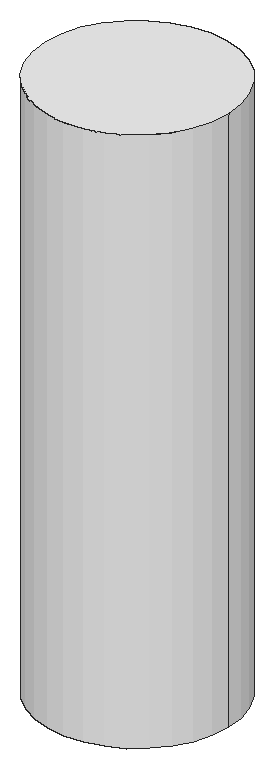
Revit family "05672029", category Plumbing Fixtures, Revit 2018
Family settings
  Round Connector Dimension = Use Diameter
  Part Type = Normal
  OmniClass Number = 23.45.55.00
  OmniClass Title = Sanitary Faucets, Wastes
  Work Plane-Based = No
  Always vertical = Yes
  Cut with Voids When Loaded = No
  Shared = No
  Room Calculation Point = No
Parameters (values of type "05672029 Washbasin faucet, 230/9 V")
  WorkingPressure = "100 - 1000 kPa"
  Working Pressure = "100 - 1000 kPa"
  WarrantyStartDate [instance] = "n/a"
  WarrantyGuarantorParts = "n/a"
  WarrantyGuarantorLabor = "n/a"
  WarrantyDurationUnit = "Year"
  WarrantyDurationParts = "n/a"
  WarrantyDurationLabor = "n/a"
  WarrantyDescription = "http://warranty.hansa.com"
  Warranty Information URL = "http://warranty.hansa.com"
  VersionDate = "01/07/2022"
  Version = "4"  # constant formula
  ValvePattern = "n/a"
  ValveOperation = "n/a"
  ValveMechanism = "n/a"
  Uniclass2015Reference = "Pr_40_20_87_96"
  Uniclass2015Description = "Washbasin manual water supply sets"
  Uniclass2 = "Pr_40_30_96_96"
  URL WEEE = "http://www.hansa.com/fileadmin/resources/153036_WEEE.pdf"
  URL REACH = "http://static.hansa.com/doc/reach"
  URL Declaration of Conformity = "http://static.hansa.com/DoC/05672029"
  URL ABP = "http://static.hansa.com/ABP/05672029"
  URL = ""
  UNSPSC Class Number = "30181700 Faucets or taps"
  TestPressure = "n/a"
  Technical DataSheet URL = "http://www.hansa.com/datasheet/05672029/en"
  TagNumber [instance] = "n/a"
  SustainabilityPerformance = "n/a"
  Surface treatment = "Chrome"
  Spout Type = "Fixed spout;Casted construction"
  Spout Projection = "117 mm"
  Special Features = "Waterways without nickel, adjustable settings BT, leadfree"
  Spare-Part Information URL = "http://static.hansa.com/sp/05672029"
  Size = "55x154x146 mm"
  Shape = "Sculptured"
  SerialNumber [instance] = "n/a"
  Sales Package dimensions (LxWxH) = "290 x 210 x 90"
  Revision = "4"  # constant formula
  ReplacementCost = "n/a"
  Protection Class = "IP 55 / transformer IP 20"
  ProductInformation = "n/a"
  Product URL = "http://static.hansa.com/05672029"
  Product Image URL = "http://static.hansa.com/image/05672029"
  Product Family = "HANSAMEDIPRO Protec"
  Product Code = "05672029"
  OperatingMechanismMaterial = "n/a"
  Operating Voltage = 912 V
  Operating Distance = "20-130 mm (110/130/160 mm)"
  NominalWidth = 55 mm
  NominalHeight = 146 mm
  NominalDepth = 154 mm
  Noise Class = "I (ISO 3822)"
  Name_en = "05672029 Washbasin faucet, 230/9 V, Bluetooth"
  Name = "05672029 Washbasin faucet, 230/9 V, Bluetooth"
  NBSReference = "45-35-70/371"
  NBSDescription = "Water supply fittings for wash basins and troughs"
  Mounting Holes = "1 hole"
  ModelReference = "05672029"
  ModelNumber = "n/a"
  Model = "05672029 Washbasin faucet, 230/9 V, Bluetooth"
  Mobile Product Information URL = "http://mpi.hansa.com/05672029"
  Mechanical Parts = "Litter filter(s);Non-return valve(s)"
  Max. Hot Water Supply = 70 °C
  Max Flow Period = "2 min (1 - 1800 s)"
  Material = "Brass"
  Market = "Austria;Belgium;Czech Republic;Germany;Spain;France;International;Italy;Netherlands;Slovakia"
  ManufacturerURL = "http://www.hansa.com"
  ManufacturerName = "HANSA"
  Manufacturer = "HANSA"
  Interactive AR View URL = "https://static.hansa.com/AR/05672029"
  InstallationDate [instance] = "n/a"
  Installation and Maintenance Guide URL = "http://static.hansa.com/manual/05672029"
  Installation Type = "Deck mounted"
  InletConnectionSize = 10 mm
  IfcExportType = "FAUCET"  # constant formula
  IfcExportAs = "IfcValveType"  # constant formula
  Group = "Washbasin faucet"
  Grade = "n/a"
  FlowCoefficient = 0
  Flow Rate At 300kPa With Flow Controller = 0.1 L/s
  Flow Drawing URL = "http://static.hansa.com/flowchart/05672029"
  Finish = "Polished"
  Features = "Touchless;Plug transformer;Bluetooth®"
  FaucetMainMaterial = Brass
  FDV Document URL = "http://www.hansa.com/datasheet/05672029/en/fdv"
  ExpectedLife = "n/a"
  Excluded Items = "Without pop-up waste;Without draw-rod opening"
  Electronic Parts = "Autofocus infrared sensor;Solenoid valve;Power supply"
  Electrical Connection = "230 / 9 V"
  ETIM Class Number = "EC010340 Electronic tap"
  EN Standard = "EN 15091"
  EMC Directive = "2014/53/EU , 2011/65/EU"
  EAN Number = "4057304004988"
  DurationUnit = "Year"
  Dimension Drawing URL = "http://static.hansa.com/dimdrw/05672029"
  Description = ""
  DefaultElevation [instance] = 900 mm
  Constituents = "n/a"
  Connection Size = "G3/8"
  Connection = "Flexible inlet pipes;One inlet for cold or premixed water;Special coating for hygienic premises"
  Color = "Chrome"
  CodePerformance = "n/a"
  CloseOffRating = 0
  Category = "Public & Semi-public;Health & Care"
  Catalog Drawing URL = "http://static.hansa.com/catdrw/05672029"
  Brand = "HANSA"
  BodyMaterial = "Brass"
  Bluetooth = "4.x"
  Barcode [instance] = "n/a"
  Backflow Prevention EN1717 = "AA"
  BIMObjectName = "05672029"
  Automatic Flush Period = "30 s (1-1800 s)"
  Automatic Flush Frequency = "off (off/1-120 h)"
  Author = "BIMStone"
  AssetType = "Fixed"
  AssetIdentifier [instance] = "n/a"
  Approval ABP = "P-IX 29469/IO"
  Ambience photo = "http://static.hansa.com/ambience/05672029"
  Afterflow Period = "3 s (1-20 s)"
  Aerator = "Laminar stream"
  Advanced Features = "Inner body made of DZR brass;Surfaces in contact with drinking water contain less than 0.3% lead;Waterways without nickel coating;;Software settings adjustable via App"
  AccessibilityPerformance = "n/a"
  3D View = "https://static.hansa.com/3D/05672029"
  2D/3D/BIM Files URL = "http://static.hansa.com/bim/05672029"
Reference planes
  plane 1 "Center (Front/Back)": y = 0
  plane 2: z = 0
  plane 3 "Center (Left/Right)": x = 0
  plane 4: x = -27.5
  plane 5: x = 27.5
  plane 6: z = 1046
  plane 7: z = 900
  plane 8: z = 870
  plane 9: y = -154
Forms (mm)
  Extrusion 1, solid, material "Brass" <- "FaucetMainMaterial", detail levels medium
    sketch origin (0, 0, 0) x (0, 1, 0) y (0, 0, 1)
      loop
        line (0, 900) -> (-14.556, 1023.932) -> (-131.711, 1046) -> (-148.834, 1046) -> (-154, 1016.702) -> (-78.606, 1003.408)
        arc (-78.606, 1003.408) -> (-63.727, 992.086) -> (-57.658, 974.402) r 32.167
        line (-57.658, 974.402) -> (-55, 900) -> (0, 900)
    from -27.5 to 27.5
  Extrusion 2, solid, material "Brass" <- "FaucetMainMaterial", detail levels coarse
    sketch origin (0, 0, 0) x (1, 0, 0) y (0, 1, 0)
      loop
        line (-27.5, 0) -> (-27.5, -154) -> (27.5, -154) -> (27.5, 0) -> (-27.5, 0)
    from 900 to 1046
  Extrusion 3, solid, material "Brass" <- "FaucetMainMaterial"
    sketch origin (0, 0, 0) x (1, 0, 0) y (0, 1, 0)
      loop
        circle (0, -27.5) r 5
    from 870 to 900
Lines and regions (mm)
  symbolic lines, detail levels medium+fine
    curve 1: line (-15.5, -69.537, 0) -> (-15.5, -136.641, 0)
    curve 2: arc (-22.324, -45.737, 0) -> (-17.24, -57.157, 0) -> (-15.5, -69.537, 0) r 44.913
    curve 3: arc (-27.502, -27.489, 0) -> (-26.212, -36.982, 0) -> (-22.324, -45.737, 0) r 33.978
    curve 4: arc (27.5, -27.489, 0) -> (27.347, -24.595, 0) -> (26.89, -21.734, 0) r 27.502
    curve 5: line (15.499, -71.499, 0) -> (15.499, -136.641, 0)
    curve 6: arc (22.753, -45.031, 0) -> (17.345, -57.777, 0) -> (15.499, -71.499, 0) r 51.914
    curve 7: arc (27.5, -27.489, 0) -> (27.182, -32.345, 0) -> (26.175, -37.105, 0) r 33.977
    curve 8: spline (-15.5, -136.641, 0) -> (-15.464, -137.692, 0) -> (-15.356, -138.739, 0) -> (-15.177, -139.775, 0) -> (-14.927, -140.797, 0) -> (-14.608, -141.8, 0) -> (-14.221, -142.779, 0) -> (-13.767, -143.729, 0) -> (-13.25, -144.647, 0) -> (-12.671, -145.527, 0) -> (-12.033, -146.366, 0) -> (-11.34, -147.159, 0) -> (-10.593, -147.904, 0)
    curve 10: spline (10.592, -147.904, 0) -> (11.339, -147.159, 0) -> (12.032, -146.366, 0) -> (12.67, -145.527, 0) -> (13.249, -144.647, 0) -> (13.766, -143.73, 0) -> (14.219, -142.779, 0) -> (14.606, -141.8, 0) -> (14.926, -140.798, 0) -> (15.175, -139.775, 0) -> (15.355, -138.739, 0) -> (15.463, -137.692, 0) -> (15.499, -136.641, 0)
    curve 11: arc (-10.593, -147.904, 0) -> (0, -154.001, 0) -> (10.592, -147.904, 0) r 12.251
    curve 12: arc (26.89, -21.734, 0) -> (-2.895, -0.141, 0) -> (-27.502, -27.489, 0) r 27.501
    curve 13: arc (26.175, -37.105, 0) -> (24.717, -41.177, 0) -> (22.753, -45.031, 0) r 33.977
    curve 14: line (-27.5, 0, 900) -> (27.5, 0, 900)
    curve 15: line (-27.5, 0, 900) -> (-27.5, 0, 926.446)
    curve 16: line (-27.5, 0, 926.446) -> (-24.359, 0, 988.391)
    curve 17: arc (-24.359, 0, 988.391) -> (-21.799, 0, 1003.69) -> (-15.365, 0, 1017.804) r 59.407
    curve 18: line (-15.365, 0, 1017.804) -> (-15.365, 0, 1030.848)
    curve 19: line (27.5, 0, 900) -> (27.5, 0, 926.446)
    curve 20: line (27.5, 0, 926.446) -> (24.359, 0, 988.391)
    curve 21: arc (24.359, 0, 988.391) -> (21.799, 0, 1003.69) -> (15.365, 0, 1017.804) r 59.407
    curve 22: line (15.365, 0, 1017.804) -> (15.365, 0, 1030.848)
    curve 23: spline (-15.365, 0, 1030.848) -> (-14.842, 0, 1034.769) -> (-13.307, 0, 1038.424) -> (-10.865, 0, 1041.562) -> (-7.683, 0, 1043.97) -> (-3.977, 0, 1045.484) -> (0, 0, 1046) -> (3.977, 0, 1045.484) -> (7.683, 0, 1043.97) -> (10.865, 0, 1041.562) -> (13.307, 0, 1038.424) -> (14.842, 0, 1034.769) -> (15.365, 0, 1030.848)
    curve 35: line (0, 0, 900) -> (0, -55, 900)
    curve 36: line (0, -55, 900) -> (0, -55.591, 916.557)
    curve 37: arc (0, -57.658, 974.402) -> (0, -65.719, 994.595) -> (0, -84.77, 1005.073) r 32.227
    curve 38: line (0, -84.77, 1005.073) -> (0, -126.058, 1012.353)
    curve 39: line (0, -126.058, 1012.353) -> (0, -131.511, 1015.442)
    curve 40: line (0, -154, 1028.18) -> (0, -154, 1031.901)
    curve 41: arc (0, -154, 1031.901) -> (0, -150.001, 1041.74) -> (0, -140.273, 1046) r 14.104
    curve 42: line (0, -140.273, 1046) -> (0, -137.862, 1046)
    curve 43: line (0, -137.862, 1046) -> (0, -41.204, 1028.341)
    curve 44: arc (0, -41.204, 1028.341) -> (0, -32.804, 1026.199) -> (0, -24.778, 1022.921) r 62.87
    curve 45: arc (0, -24.778, 1022.921) -> (0, -15.216, 1014.888) -> (0, -10.489, 1003.328) r 26.06
    curve 46: line (0, -10.489, 1003.328) -> (0, 0, 900)
    curve 47: line (0, -133.808, 1011.385) -> (0, -153.611, 1022.818)
    curve 48: line (0, -153.611, 1022.818) -> (0, -151.406, 1026.711)
    curve 49: line (0, -133.808, 1011.385) -> (0, -131.511, 1015.442)
    curve 51: line (0, -151.406, 1026.711) -> (0, -154, 1028.18)
    curve 52: arc (0, -56.48, 941.432) -> (0, -58.009, 937.875) -> (0, -56.23, 934.436) r 4.529
    curve 53: arc (0, -55.841, 923.552) -> (0, -57.387, 919.995) -> (0, -55.591, 916.557) r 4.5
    curve 54: line (0, -55.841, 923.552) -> (0, -56.23, 934.436)
    curve 57: line (0, -56.48, 941.432) -> (0, -57.658, 974.402)
  symbolic lines, detail levels fine
    curve 9: spline (-10.593, -147.904, 0) -> (-9.095, -149.135, 0) -> (-7.454, -150.169, 0) -> (-5.695, -150.991, 0) -> (-3.847, -151.587, 0) -> (-1.939, -151.948, 0) -> (0, -152.07, 0) -> (1.938, -151.948, 0) -> (3.846, -151.587, 0) -> (5.694, -150.991, 0) -> (7.453, -150.169, 0) -> (9.094, -149.135, 0) -> (10.592, -147.904, 0)
    curve 24: circle (0, 0, 937.975) r 3.491 normal (0, -1, 0)
    curve 25: circle (0, 0, 919.975) r 3.491 normal (0, -1, 0)
    curve 26: spline (-15.365, 0, 1030.848) -> (-15.342, 0, 1030.007) -> (-15.271, 0, 1029.17) -> (-15.153, 0, 1028.337) -> (-14.989, 0, 1027.512) -> (-14.778, 0, 1026.698) -> (-14.522, 0, 1025.896) -> (-14.221, 0, 1025.11) -> (-13.876, 0, 1024.341) -> (-13.489, 0, 1023.592) -> (-13.06, 0, 1022.865) -> (-12.591, 0, 1022.163) -> (-12.084, 0, 1021.488)
    curve 27: spline (12.084, 0, 1021.488) -> (12.591, 0, 1022.163) -> (13.06, 0, 1022.865) -> (13.489, 0, 1023.592) -> (13.876, 0, 1024.341) -> (14.221, 0, 1025.11) -> (14.522, 0, 1025.896) -> (14.778, 0, 1026.698) -> (14.989, 0, 1027.512) -> (15.153, 0, 1028.337) -> (15.271, 0, 1029.17) -> (15.342, 0, 1030.007) -> (15.365, 0, 1030.848)
    curve 28: spline (-11.212, 0, 1024.032) -> (-10.105, 0, 1025.228) -> (-8.604, 0, 1026.277) -> (-6.766, 0, 1027.139) -> (-4.663, 0, 1027.78) -> (-2.378, 0, 1028.175) -> (0, 0, 1028.308) -> (2.378, 0, 1028.175) -> (4.663, 0, 1027.78) -> (6.766, 0, 1027.139) -> (8.604, 0, 1026.277) -> (10.105, 0, 1025.228) -> (11.212, 0, 1024.032)
    curve 29: line (-11.212, 0, 1019.289) -> (-11.212, 0, 1018.089)
    curve 30: line (11.212, 0, 1019.289) -> (11.212, 0, 1018.089)
    curve 31: spline (11.212, 0, 1024.032) -> (11.476, 0, 1023.624) -> (11.694, 0, 1023.207) -> (11.864, 0, 1022.784) -> (11.986, 0, 1022.355) -> (12.059, 0, 1021.922) -> (12.084, 0, 1021.488) -> (12.059, 0, 1021.054) -> (11.986, 0, 1020.622) -> (11.864, 0, 1020.193) -> (11.694, 0, 1019.769) -> (11.476, 0, 1019.352) -> (11.212, 0, 1018.944)
    curve 32: spline (11.212, 0, 1018.089) -> (10.83, 0, 1019.493) -> (9.71, 0, 1020.801) -> (7.928, 0, 1021.925) -> (5.606, 0, 1022.787) -> (2.902, 0, 1023.328) -> (0, 0, 1023.513) -> (-2.902, 0, 1023.328) -> (-5.606, 0, 1022.787) -> (-7.928, 0, 1021.925) -> (-9.71, 0, 1020.801) -> (-10.83, 0, 1019.493) -> (-11.212, 0, 1018.089) -> (-10.83, 0, 1016.686) -> (-9.71, 0, 1015.377) -> (-7.928, 0, 1014.254) -> (-5.606, 0, 1013.392) -> (-2.902, 0, 1012.85) -> (0, 0, 1012.665) -> (2.902, 0, 1012.85) -> (5.606, 0, 1013.392) -> (7.928, 0, 1014.254) -> (9.71, 0, 1015.377) -> (10.83, 0, 1016.686) -> (11.212, 0, 1018.089)
    curve 33: spline (11.212, 0, 1019.289) -> (10.83, 0, 1020.693) -> (9.71, 0, 1022.001) -> (7.928, 0, 1023.125) -> (5.606, 0, 1023.987) -> (2.902, 0, 1024.528) -> (0, 0, 1024.713) -> (-2.902, 0, 1024.528) -> (-5.606, 0, 1023.987) -> (-7.928, 0, 1023.125) -> (-9.71, 0, 1022.001) -> (-10.83, 0, 1020.693) -> (-11.212, 0, 1019.289)
    curve 34: spline (-11.212, 0, 1018.944) -> (-11.476, 0, 1019.352) -> (-11.694, 0, 1019.769) -> (-11.864, 0, 1020.193) -> (-11.986, 0, 1020.622) -> (-12.059, 0, 1021.054) -> (-12.084, 0, 1021.488) -> (-12.059, 0, 1021.922) -> (-11.986, 0, 1022.355) -> (-11.864, 0, 1022.784) -> (-11.694, 0, 1023.207) -> (-11.476, 0, 1023.624) -> (-11.212, 0, 1024.032)
    curve 50: line (0, -131.511, 1015.442) -> (0, -151.406, 1026.711)
    curve 55: line (0, -55.591, 916.557) -> (0, -55.841, 923.552)
    curve 56: line (0, -56.23, 934.436) -> (0, -56.48, 941.432)
Dimensions and locks
  equal spacing: plane 4, plane 3 "Center (Left/Right)", plane 5
  "NominalHeight": plane 6 to plane 7
  "DefaultElevation": plane 7 to level
  locked: plane 7 to plane 8 at 30
  "NominalWidth": plane 4 to plane 5
  "NominalDepth": plane 9 to plane 1 "Center (Front/Back)"
  "InletConnectionSize": diameter of Extrusion 3 sketch curve
  aligned and locked: level to plane 2
  aligned and locked: plane 6 to Extrusion 2
  aligned and locked: Extrusion 2 to plane 7
  aligned and locked: plane 7 to Extrusion 3
  aligned and locked: Extrusion 3 to plane 8
  aligned and locked: import instance to plane 7
Automatic sketch dimensions
  Extrusion 2 sketch curve to plane 4 = 0 mm
  plane 1 "Center (Front/Back)" to Extrusion 2 sketch curve = 0 mm
  plane 5 to Extrusion 2 sketch curve = 0 mm
  curve 14 to plane 4 = 0 mm
  curve 25 to plane 3 "Center (Left/Right)" = 0 mm
  curve 26 to plane 3 "Center (Left/Right)" = 0 mm
  curve 34 to plane 3 "Center (Left/Right)" = 0 mm
  curve 23 to plane 3 "Center (Left/Right)" = 0 mm
  curve 24 to plane 3 "Center (Left/Right)" = 0 mm
  curve 27 to plane 3 "Center (Left/Right)" = 0 mm
  curve 32 to plane 3 "Center (Left/Right)" = 0 mm
  curve 28 to plane 3 "Center (Left/Right)" = 0 mm
  curve 31 to plane 3 "Center (Left/Right)" = 0 mm
  curve 20 to plane 5 = 0 mm
  curve 14 to plane 7 = 0 mm
  curve 21 to plane 4 = 7.512 mm
  plane 4 to curve 16 = 3.141 mm
  plane 4 to curve 18 = 12.135 mm
  curve 17 to curve 29 = 4.154 mm
  curve 20 to plane 5 = 3.141 mm
  plane 5 to curve 17 = 7.512 mm
  plane 7 to curve 25 = 19.975 mm
  plane 7 to curve 15 = 26.446 mm
  curve 25 to curve 24 = 18 mm
  curve 17 to plane 6 = 59.682 mm
  curve 21 to plane 6 = 59.682 mm
  curve 17 to curve 20 = 2.073 mm
  curve 21 to curve 16 = 2.073 mm
  curve 17 to curve 29 = 1.486 mm
  curve 33 to curve 22 = 11.558 mm
  curve 26 to curve 23 = 0 mm  (x2)
  curve 27 to curve 23 = 0 mm  (x2)
  curve 28 to curve 33 = 0.872 mm
  curve 26 to curve 28 = 0 mm  (x2)
  curve 31 to curve 34 = 0 mm
  curve 31 to curve 28 = 0.872 mm
  curve 28 to curve 27 = 0.872 mm
  plane 7 to curve 19 = 26.446 mm
  curve 29 to curve 29 = 1.2 mm
  curve 32 to curve 30 = 1.2 mm
  curve 30 to curve 32 = 0 mm
  curve 34 to curve 29 = 0.345 mm
  curve 31 to curve 30 = 0.345 mm
  curve 33 to curve 27 = 2.199 mm
  curve 33 to curve 31 = 2.199 mm
  curve 28 to curve 34 = 0 mm
  curve 7 to curve 13 = 0 mm  (x2)
  curve 8 to plane 3 "Center (Left/Right)" = 0 mm
  curve 11 to plane 3 "Center (Left/Right)" = 0 mm
  curve 12 to plane 3 "Center (Left/Right)" = 0.001 mm
  curve 4 to curve 12 = 0.001 mm  (x2)
  curve 7 to plane 3 "Center (Left/Right)" = 6.476 mm
  plane 4 to curve 1 = 12 mm
  curve 2 to plane 4 = 32.913 mm
  plane 3 "Center (Left/Right)" to curve 3 = 6.475 mm
  curve 5 to plane 5 = 12.001 mm
  plane 5 to curve 6 = 39.912 mm
  plane 1 "Center (Front/Back)" to curve 12 = 27.489 mm
  curve 3 to curve 12 = 0.218 mm
  curve 13 to curve 4 = 0.218 mm
  curve 2 to curve 12 = 42.048 mm
  curve 5 to curve 1 = 1.962 mm
  curve 5 to curve 8 = 0 mm
  curve 11 to curve 10 = 5.109 mm
  curve 9 to plane 3 "Center (Left/Right)" = 0 mm
  curve 10 to curve 9 = 0 mm
  curve 8 to plane 3 "Center (Left/Right)" = 10.593 mm
  curve 9 to curve 1 = 0 mm
  plane 4 to curve 2 = 5.176 mm
  curve 7 to plane 5 = 1.325 mm
  curve 12 to plane 5 = 0.61 mm
  curve 1 to curve 9 = 0 mm
  plane 9 to curve 1 = 17.359 mm
  curve 11 to curve 11 = 6.154 mm
  plane 9 to Extrusion 2 sketch curve = 0 mm
  Extrusion 1 sketch curve to plane 9 = 0 mm
  Extrusion 1 sketch curve to plane 6 = 0 mm
  Extrusion 1 sketch curve to plane 7 = 0 mm
  Extrusion 1 sketch curve to plane 1 "Center (Front/Back)" = 0 mm
  plane 9 to Extrusion 1 sketch curve = 5.166 mm
  Extrusion 1 sketch curve to Extrusion 1 sketch curve = 17.123 mm
  plane 9 to Extrusion 1 sketch curve = 64.195 mm
  Extrusion 1 sketch curve to Extrusion 1 sketch curve = 55 mm
  plane 1 "Center (Front/Back)" to Extrusion 1 sketch curve = 14.556 mm
  Extrusion 1 sketch curve to plane 6 = 29.298 mm
  Extrusion 1 sketch curve to plane 6 = 22.068 mm
  Extrusion 1 sketch curve to plane 6 = 42.592 mm
  Extrusion 1 sketch curve to Extrusion 1 sketch curve = 32.147 mm
  Extrusion 1 sketch curve to Extrusion 1 sketch curve = 1.148 mm
  curve 51 to plane 9 = 0 mm
  curve 41 to plane 6 = 0 mm
  curve 35 to plane 7 = 0 mm
  curve 35 to plane 1 "Center (Front/Back)" = 0 mm
  plane 9 to curve 48 = 0.389 mm
  plane 9 to curve 51 = 2.594 mm
  plane 9 to curve 42 = 13.727 mm
  curve 48 to curve 41 = 11.51 mm
  curve 42 to curve 42 = 2.411 mm
  plane 9 to curve 47 = 20.192 mm
  curve 47 to curve 50 = 2.297 mm
  curve 39 to curve 39 = 5.453 mm
  curve 38 to curve 37 = 36.193 mm
  curve 37 to curve 38 = 5.094 mm
  curve 37 to curve 57 = 32.207 mm
  plane 1 "Center (Front/Back)" to curve 35 = 55 mm
  curve 37 to curve 52 = 4.175 mm
  curve 52 to curve 53 = 0.593 mm
  curve 37 to curve 44 = 5.155 mm
  curve 43 to plane 6 = 17.659 mm
  plane 1 "Center (Front/Back)" to curve 43 = 41.204 mm
  curve 43 to curve 45 = 4.934 mm
  plane 1 "Center (Front/Back)" to curve 46 = 10.489 mm
  plane 7 to curve 53 = 20.155 mm
  curve 53 to curve 52 = 17.881 mm
  curve 52 to curve 44 = 28.458 mm
  curve 44 to curve 37 = 6.756 mm
  curve 44 to curve 57 = 7.906 mm
  curve 45 to curve 43 = 28.809 mm
  curve 46 to curve 44 = 19.593 mm
  curve 49 to curve 41 = 20.516 mm
  curve 47 to curve 39 = 0.968 mm
  curve 52 to curve 52 = 2.997 mm
  curve 53 to curve 53 = 2.952 mm
  curve 53 to curve 54 = 3.397 mm
  plane 7 to curve 36 = 16.557 mm
  plane 7 to curve 54 = 34.436 mm
  curve 56 to curve 52 = 2.747 mm
  Extrusion 3 sketch curve to plane 3 "Center (Left/Right)" = 0 mm
  plane 1 "Center (Front/Back)" to Extrusion 3 sketch curve = 27.5 mm
  radius of curve 24 = 3.491 mm
  radius of curve 25 = 3.491 mm
Nested families
  nested 1: "Symbol" at (0, 0, 0), type "Symbol", detail levels coarse
Connectors
  piping at (0, -27.5, 870), diameter 10, driven by "InletConnectionSize"
    settings: on Extrusion 3, index 1, connector inside diameter 609.6 mm, connector length 0 mm, flow factor 0, pipe flow 0.0 L/s, pressure drop 0.0 Pa, fitting loss kfactor 0, connector angle 0.00°, fixture units 0, engagement length 0 mm, angle of deflection 0.00°, flow configuration 1, flow direction 1, fitting loss method 0, system type 19, joint type 0, gender type 0, connector reference index -1, connector utility 0, adjustable connector no, is connector primary yes, connector description ""
Definition of nested family "Symbol"
  Reference planes
    plane 1: y = 0
    plane 2: x = 0
  Lines and regions (mm)
    detail lines
      curve 1: line (0, 0, 0) -> (0, -1.8, 0)
      curve 2: line (-0.4, -1.1, 0) -> (0.4, -1.1, 0)
      curve 3: line (-0.4, -1.4, 0) -> (0.4, -1.4, 0)
      curve 4: line (0.863, 0, 0) -> (-0.863, 0, 0)
      curve 5: circle (-1.163, 0, 0) r 0.3 normal (0, 0, -1)
      curve 6: circle (1.163, 0, 0) r 0.3 normal (0, 0, 1)
